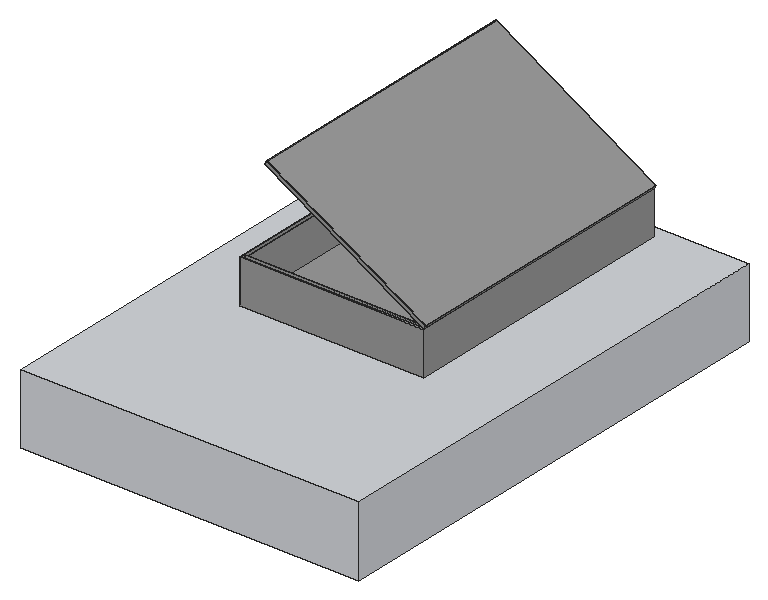
Revit family "Hager-Univers-IP44-D205-H1250-Cl.II-Encl-CH-de", category Equipement électrique, Revit 2020
Family settings
  Hôte = Face
  Configuration du panneau = Deux colonnes, circuits au sein
  Cote de connecteur circulaire = Utiliser le diamètre
  Type d'élément = Tableau de raccordement
  Couper avec des vides une fois chargée = Non
  Partagée = Non
  Point de calcul de pièce = Non
Parameters (values of type "Aufputz IP44 B800 H1250 T205  - FP83QS")
  Width Control [instance] = if([EF000008 - Breite] > Min Width, [EF000008 - Breite], Min Width)  # 800 mm
  Commentaires du type = [HG000003 - Bereich]  # "Univers"
  Thickness Door [instance] = if([EF009171 - Materialstärke Tür/Deckel] > 3 mm, 3 mm, [EF009171 - Materialstärke Tür/Deckel])  # 1 mm
  Seal Frame Offset [instance] = 17 mm  # constant formula
  Plinth Visibility [instance] = [HG000027 - Sockelhöhe] > 0 mm  # no
  Model = ""
  Min Width [instance] = 100 mm  # constant formula
  Min Height [instance] = 100 mm  # constant formula
  Min Depth [instance] = (2 * [EF009170 - Materialstärke Gehäuse]) + 1 mm  # 3 mm
  Internal Frame Depth [instance] = (Door System Depth * 0.5)  # 9 mm
  Height Control [instance] = if([EF000040 - Höhe] > Min Height, [EF000040 - Höhe], Min Height)  # 1250 mm
  HG000027 - Sockelhöhe = 0 mm
  HG000026 - Stehend auf dem Boden = no
  HG000024 - Höhe des unteren Teils = 800 mm
  HG000023 - Gehäuse mit doppeltem Querschnitt = no
  HG000016 - 3D-Türsichtbarkeit [instance] = yes
  HG000015 - Sichtbarkeit der Türöffnung [instance] = no
  HG000014 - Tür rechts [instance] = yes
  HG000013 - Tür links [instance] = not([HG000014 - Tür rechts])  # no
  HG000012 - Türschwenkwinkel [instance] = 30.00°
  HG000010 - Asymmetrische Türen = no
  HG000009 - Doppelflügeligen Tür = no
  HG000006 - Unterputz = no
  HG000004 - Herstellerreferenz = "FP83QS"
  HG000003 - Bereich = "Univers"
  HG000002 - Mit tür = yes
  Frame Offset Bottom [instance] = 10 mm  # constant formula
  Frame Offset [instance] = 15 mm  # constant formula
  EF015940 - Deckel mit Überdruckentlastung = no
  EF011959 - Schutzart (NEMA) = ""
  EF009554 - Anzahl der Öffnungen für Flanschplatten = 6
  Fabricant = "Hager"  # constant formula
  EF009212 - Ausführung Deckel = "EV000116 - geschlossen"
  EF009171 - Materialstärke Tür/Deckel = 1 mm
  EF009170 - Materialstärke Gehäuse = 1 mm
  EF008873 - Nennstrom (In) = 250 A
  EF007800 - Geeignet für Blitzschutz = no
  EF006306 - Mit Schloss = no
  EF006244 - Transparenter Deckel/Tür = no
  EF005474 - Schutzart (IP) = "EV006418 - IP44"
  EF004464 - Art der Tür = "EV002646 - Einzel"
  EF004427 - Anzahl der Module = 288
  EF004293 - Schlagfestigkeit = "EV006815 - IK09"
  EF003532 - Geeignet für Außengebrauch = no
  EF002950 - Breite in Teilungseinheiten = 36
  EF001613 - Funktionserhalt = "EV000494 - ohne"
  EF001596 - Werkstoff des Gehäuses = "EV000179 - Stahl"
  EF001131 - Innentiefe = 143 mm
  EF001088 - Anbaumöglichkeit = yes
  EF000437 - Anzahl der Leitungseinführungen = 6
  EF000339 - Art der Abdeckung = "EV001012 - Deckel"
  EF000266 - Anzahl der Reihen = 8
  EF000218 - Einbautiefe = 0 mm
  EF000118 - Mit Montageplatte = no
  EF000116 - RAL-Nummer = "9010"
  EF000049 - Tiefe = 205 mm
  EF000040 - Höhe = 1250 mm
  EF000008 - Breite = 800 mm
  EF000007 - Farbe = "EV000202 - weiß"
  EF000003 - Montageart = "EV000384 - Aufputz"
  Door System Leaf Tolerance [instance] = 1.5 mm  # constant formula
  Door System Depth [instance] = 18 mm  # constant formula
  Door Height [instance] = Height Control - [HG000027 - Sockelhöhe]  # 1250 mm
  Depth Control [instance] = if([EF000049 - Tiefe] > Min Depth, [EF000049 - Tiefe], Min Depth)  # 205 mm
  Default Elevation = 0 mm
  Connector Offset [instance] = Height Control / 2  # 625 mm
  Bottom Top Plate Trim [instance] = 1.5 mm  # constant formula
  Plinth height Ctrl [instance] = if([HG000027 - Sockelhöhe] > 0 mm, [HG000027 - Sockelhöhe], 12 mm)  # 12 mm
Types (5, lengths in mm): name | Width Control | HG000009 - Doppelflügeligen Tür | HG000004 - Herstellerreferenz | EF009554 - Anzahl der Öffnungen für Flanschplatten | EF004464 - Art der Tür | EF004427 - Anzahl der Module | EF002950 - Breite in Teilungseinheiten | EF000437 - Anzahl der Leitungseinführungen | EF000008 - Breite
  Aufputz IP44 B1050 H1250 T205  - FP84QS | 1050 | yes | "FP84QS" | 8 | "EV003602 - Doppel" | 384 | 48 | 8 | 1050
  Aufputz IP44 B1300 H1250 T205  - FP85QS | 1300 | yes | "FP85QS" | 10 | "EV003602 - Doppel" | 480 | 60 | 10 | 1300
  Aufputz IP44 B300 H1250 T205  - FP81QS | 300 | no | "FP81QS" | 2 | "EV002646 - Einzel" | 96 | 12 | 2 | 300
  Aufputz IP44 B550 H1250 T205  - FP82QS | 550 | no | "FP82QS" | 4 | "EV002646 - Einzel" | 192 | 24 | 4 | 550
  Aufputz IP44 B800 H1250 T205  - FP83QS | 800 | no | "FP83QS" | 6 | "EV002646 - Einzel" | 288 | 36 | 6 | 800
Reference planes
  plane 1 "Center (Front/Back)": y = 0
  plane 2: z = 0
  plane 3 "Center (Left/Right)": x = 0
  plane 4: z = 205
  plane 5: y = 1
  plane 6: y = 625
  plane 7: y = 0
  plane 8: y = 1250
  plane 9: z = 0
  plane 10: x = -385
  plane 11: x = 385
  plane 12: x = 384
  plane 13: x = -384
  plane 14: y = 1249
  plane 15: x = -383
  plane 16: x = -400
  plane 17: x = 383
  plane 18: x = 400
  plane 19: x = 399
  plane 20: x = -399
  plane 21: y = 11
  plane 22: y = 1250
  plane 23: y = 1234
  plane 24: z = 187
  plane 25: z = 1
  plane 26: z = 186
  plane 27: z = 204
Forms (mm)
  Extrusion 1, solid
    sketch origin (0, 0, 0) x (1, 0, 0) y (0, 1, 0)
      loop
        line (-702.964, 1305) -> (-702.964, -811.445) -> (766.763, -811.445) -> (766.763, 1305) -> (-702.964, 1305)
    from 0 to -304.8
  Extrusion 2, solid, material "Hager_Steel_RAL7035_Light_Grey", visible <- "Plinth Visibility", detail levels medium+fine
    sketch origin (0, 0, 0) x (1, 0, 0) y (0, 1, 0)
      loop
        line (-400, 0) -> (400, 0) -> (400, 12) -> (-400, 12) -> (-400, 0)
    from 0 to 187
  Extrusion 3, solid, material "Hager_Steel_RAL7035_Light_Grey", detail levels medium+fine
    sketch origin (0, 0, 0) x (1, 0, 0) y (0, 1, 0)
      loop
        line (-400, 0) -> (400, 0) -> (400, 1250) -> (-400, 1250) -> (-400, 0)
    from 0 to 187
  Extrusion 4, void
    sketch origin (0, 0, 0) x (1, 0, 0) y (0, 1, 0)
      loop
        line (-399, 1) -> (399, 1) -> (399, 1249) -> (-399, 1249) -> (-399, 1)
    from 1 to 186
  Extrusion 5, void
    sketch origin (-381.607, -4572, 187) x (0, -1, 0) y (-1, 0, 0)
      loop
        line (-4583, 2.393) -> (-5806, 2.393) -> (-5806, -765.607) -> (-4583, -765.607) -> (-4583, 2.393)
    from 0 to 1 <- "EF009170 - Materialstärke Gehäuse"
  Extrusion 6, solid, material "Hager_Steel_RAL7035_Light_Grey", detail levels fine
    sketch origin (0, 0, 187) x (1, 0, 0) y (0, 1, 0)
      loop
        line (-384, 1234) -> (-384, 11) -> (384, 11) -> (384, 1234) -> (-384, 1234)
      loop
        line (-385, 10) -> (385, 10) -> (385, 1235) -> (-385, 1235) -> (-385, 10)
    from 0 to 9 <- "Internal Frame Depth"
  Extrusion 7, solid, material "Hager_Steel_RAL7035_Light_Grey", detail levels coarse
    sketch origin (0, 0, 0) x (1, 0, 0) y (0, 1, 0)
      loop
        line (-400, 0) -> (400, 0) -> (400, 1250) -> (-400, 1250) -> (-400, 0)
    from 0 to 205
  Sweep 8, void
    path in 3D
      loop
        line (-400, 12, 0) -> (400, 12, 0) -> (400, 12, 187) -> (-400, 12, 187) -> (-400, 12, 0)
    profile origin (-400, 12, 93.5) x (-1, 0, 0) y (0, -1, 0)
      loop
        line (0, 0) -> (0, 1.5) -> (-1.5, 1.5)
        arc (-1.5, 1.5) -> (-1.061, 0.439) -> (0, 0) r 1.5
Cuts and joins
  Extrusion 4, Extrusion 5 cuts Extrusion 3
  Sweep 8 cuts Extrusion 2
Lines and regions (mm)
  Masking region 1
    outline origin (0, 0, 0) x (1, 0, 0) y (0, 0, 1)
      loop
        line (-400, 205) -> (-400, 0) -> (400, 0) -> (400, 205) -> (-400, 205)
  Masking region 2, detail levels medium+fine
    outline origin (0, 140, 0) x (0, 1, 0) y (0, 0, 1)
      loop
        line (-140, 0) -> (1110, 0) -> (1110, 187) -> (-140, 187) -> (-140, 0)
  Masking region 3, not visible, detail levels medium+fine
    outline origin (0, 297.922, 0) x (0, 1, 0) y (0, 0, 1)
      loop
        line (338.578, 0) -> (378.578, 0) -> (378.578, 194)
        arc (378.578, 194) -> (375.649, 201.071) -> (368.578, 204) r 10
        line (368.578, 204) -> (338.578, 204) -> (338.578, 0)
  Masking region 4, detail levels coarse
    outline origin (0, 0, 180) x (0, 1, 0) y (0, 0, 1)
      loop
        line (0, -180) -> (1250, -180) -> (1250, 25) -> (0, 25) -> (0, -180)
  Masking region 5, visible <- "Plinth Visibility", detail levels medium+fine
    outline origin (0, 52.24, 12.345) x (0, 0, -1) y (0, 1, 0)
      loop
        line (10.845, -40.24) -> (-173.155, -40.24)
        arc (-173.155, -40.24) -> (-173.594, -41.301) -> (-174.655, -41.74) r 1.5
        line (-174.655, -41.74) -> (-174.655, -52.24) -> (12.345, -52.24) -> (12.345, -41.74)
        arc (12.345, -41.74) -> (11.285, -41.301) -> (10.845, -40.24) r 1.5
  Masking region 6, detail levels medium+fine
    outline origin (-381.607, -4572, 187) x (-1, 0, 0) y (0, -1, 0)
      loop
        line (18.393, -5822) -> (18.393, -4572) -> (-781.607, -4572) -> (-781.607, -5822) -> (18.393, -5822)
  Masking region 7, visible <- "Plinth Visibility", detail levels medium+fine
    outline origin (-381.607, -4727, 187) x (-1, 0, 0) y (0, -1, 0)
      loop
        arc (16.893, -4739) -> (17.332, -4737.939) -> (18.393, -4737.5) r 1.5
        line (18.393, -4737.5) -> (18.393, -4727) -> (-781.607, -4727) -> (-781.607, -4737.5)
        arc (-781.607, -4737.5) -> (-780.546, -4737.939) -> (-780.107, -4739) r 1.5
        line (-780.107, -4739) -> (16.893, -4739)
  Masking region 8, detail levels coarse
    outline origin (-442.548, -4669.526, 187) x (-1, 0, 0) y (0, -1, 0)
      loop
        line (-42.548, -5919.526) -> (-42.548, -4669.526) -> (-842.548, -4669.526) -> (-842.548, -5919.526) -> (-42.548, -5919.526)
  sketch lines
    curve 1: line (-400, 12, 187) -> (-400, 12, 0)
    curve 2: line (400, 12, 187) -> (-400, 12, 187)
    curve 3: line (400, 12, 187) -> (400, 12, 0)
    curve 4: line (-400, 12, 0) -> (400, 12, 0)
Dimensions and locks
  "Depth Control": plane 4 to Extrusion 1
  "HG000027 - Sockelhöhe": plane 1 "Center (Front/Back)" to plane 7
  "EF009170 - Materialstärke Gehäuse": plane 5 to plane 7
  locked: connector elem to plane 3 "Center (Left/Right)"
  equal spacing: plane 8, plane 6, plane 7
  locked: connector elem to plane 6
  "EF009170 - Materialstärke Gehäuse": plane 8 to plane 14
  "EF009170 - Materialstärke Gehäuse": plane 10 to plane 13
  "EF009170 - Materialstärke Gehäuse": plane 12 to plane 11
  "Frame Offset": plane 20 to plane 13
  "Frame Offset": plane 12 to plane 19
  "EF009170 - Materialstärke Gehäuse": plane 16 to plane 20
  "EF009170 - Materialstärke Gehäuse": plane 19 to plane 18
  "Seal Frame Offset": plane 16 to plane 15
  "Seal Frame Offset": plane 17 to plane 18
  "Frame Offset Bottom": plane 21 to plane 5
  "Frame Offset": plane 14 to plane 23
  equal spacing: plane 16, plane 3 "Center (Left/Right)", plane 18
  "Width Control": plane 16 to plane 18
  "EF009170 - Materialstärke Gehäuse": plane 4 to plane 27
  "EF009170 - Materialstärke Gehäuse": plane 24 to plane 26
  "EF009170 - Materialstärke Gehäuse": plane 25 to level
  "Door System Depth": plane 4 to plane 24
  "Height Control": plane 1 "Center (Front/Back)" to Extrusion 7 sketch curve
  "Height Control": Masking region 4 sketch curve to plane 1 "Center (Front/Back)"
  "Height Control": plane 1 "Center (Front/Back)" to plane 22
  "Bottom Top Plate Trim": profile plane to Sweep 8 sketch curve
  "Bottom Top Plate Trim": Sweep 8 sketch curve to profile plane
  "Plinth height Ctrl": plane 1 "Center (Front/Back)" to Extrusion 2 sketch curve
  "Plinth height Ctrl": Masking region 5 sketch curve to plane 1 "Center (Front/Back)"
  "Plinth height Ctrl": plane 1 "Center (Front/Back)" to Masking region 7 sketch curve
  "Thickness Door": Extrusion 6 sketch curve to Extrusion 6 sketch curve  (x3)
  "Thickness Door": cut or joined group of Extrusion 3, Extrusion 4, Extrusion 5 to Extrusion 6 sketch curve
  radius of Masking region 3 sketch curve = 10 mm
  "Bottom Top Plate Trim": radius of Masking region 5 sketch curve  (x2)
  "Bottom Top Plate Trim": radius of Sweep 8 sketch curve
  "Bottom Top Plate Trim": radius of Masking region 7 sketch curve  (x2)
  aligned and locked: plane 2 to Extrusion 1
  aligned and locked: level to Extrusion 1
  aligned and locked: level to Masking region 1 sketch curve
  aligned and locked: Masking region 1 sketch curve to plane 18
  aligned and locked: Masking region 1 sketch curve to plane 16
  aligned and locked: plane 7 to Masking region 2 sketch curve
  aligned and locked: level to Masking region 3 sketch curve
  aligned and locked: Masking region 3 sketch curve to plane 27
  aligned and locked: level to Masking region 2 sketch curve
  aligned and locked: plane 1 "Center (Front/Back)" to Extrusion 2 sketch curve
  aligned and locked: Extrusion 3 sketch curve to plane 7
  aligned and locked: plane 16 to Extrusion 3 sketch curve
  aligned and locked: plane 18 to Extrusion 3 sketch curve
  aligned and locked: plane 20 to Extrusion 4 sketch curve
  aligned and locked: plane 19 to Extrusion 4 sketch curve
  aligned and locked: Extrusion 4 sketch curve to plane 5
  aligned and locked: Extrusion 4 to plane 25
  aligned and locked: plane 26 to Extrusion 4
  aligned and locked: plane 24 to Extrusion 3
  aligned and locked: Extrusion 5 sketch curve to plane 21
  aligned and locked: Extrusion 5 sketch curve to plane 13
  aligned and locked: Extrusion 5 sketch curve to plane 12
  aligned and locked: plane 18 to Extrusion 7 sketch curve
  aligned and locked: plane 1 "Center (Front/Back)" to Extrusion 7 sketch curve
  aligned and locked: plane 16 to Extrusion 7 sketch curve
  aligned and locked: plane 4 to Extrusion 7
  aligned and locked: Extrusion 7 to level
  aligned and locked: level to Masking region 4 sketch curve
  aligned and locked: Masking region 4 sketch curve to plane 1 "Center (Front/Back)"
  aligned and locked: Masking region 4 sketch curve to plane 4
  aligned and locked: nested 1 to level
  aligned and locked: nested 1 to plane 16
  aligned and locked: plane 8 to Extrusion 3 sketch curve
  aligned and locked: plane 23 to Extrusion 5 sketch curve
  aligned and locked: plane 14 to Extrusion 4 sketch curve
  aligned and locked: Masking region 2 sketch curve to plane 8
  aligned and locked: level to Masking region 5 sketch curve
  aligned and locked: plane 16 to Extrusion 2 sketch curve
  aligned and locked: plane 18 to Extrusion 2 sketch curve
  aligned and locked: Masking region 5 sketch curve to plane 24
  aligned and locked: Masking region 2 sketch curve to plane 24
  aligned and locked: plane 24 to Extrusion 2
  aligned and locked: profile plane to Sweep 8 sketch curve  (x2)
  aligned and locked: Masking region 6 sketch curve to plane 18
  aligned and locked: Masking region 6 sketch curve to plane 22
  aligned and locked: Masking region 6 sketch curve to plane 16
  aligned and locked: plane 8 to plane 22
  aligned and locked: Masking region 6 sketch curve to plane 7
  aligned and locked: Masking region 7 sketch curve to plane 16
  aligned and locked: Masking region 7 sketch curve to plane 1 "Center (Front/Back)"
  aligned and locked: Masking region 7 sketch curve to plane 18
  aligned and locked: Masking region 8 sketch curve to plane 1 "Center (Front/Back)"
  aligned and locked: Masking region 8 sketch curve to plane 18
  aligned and locked: Masking region 8 sketch curve to plane 22
  aligned and locked: Masking region 8 sketch curve to plane 16
  aligned and locked: nested 2 to plane 7
  aligned and locked: plane 3 "Center (Left/Right)" to nested 2
  aligned and locked: nested 2 to plane 24
  aligned and locked: Extrusion 6 sketch curve to cut or joined group of Extrusion 3, Extrusion 4, Extrusion 5  (x4)
Automatic sketch dimensions
  Extrusion 1 sketch curve to Extrusion 1 sketch curve = 1469.727 mm
  Extrusion 1 sketch curve to Extrusion 1 sketch curve = 2116.445 mm
  Masking region 1 sketch curve to plane 4 = 0 mm
  plane 6 to Masking region 3 sketch curve = 11.5 mm
  Masking region 3 sketch curve to Masking region 3 sketch curve = 30 mm
  Masking region 5 sketch curve to plane 1 "Center (Front/Back)" = 0 mm
Nested families
  nested 1: "Hager_Enclosure_Symbol" at (-400, 0, 0) x (1, 0, 0) z (0, -1, 0), Height <- "Depth Control", Width <- "Width Control", type "Hager_Enclosure_Symbol"
    with Width_Ctrl 800 mm, Width 800 mm, Height_Ctrl 205 mm, Height 205 mm, A_Width_Int 13.453 mm, A_Width 161.438 mm, A_Height_Ctrl 179.375 mm, A_Height 179.375 mm
  nested 2: "EC000058_Univers_Door" at (0, 0, 187) x (1, 0, 0) z (0, 1, 0), Leaf_Tolerance <- "Door System Leaf Tolerance", Angle <- "HG000012 - Türschwenkwinkel", Door_Depth <- "Door System Depth", Door_Left <- "HG000013 - Tür links", Transparent <- "EF006244 - Transparenter Deckel/Tür", Assymetrical <- "HG000010 - Asymmetrische Türen", Width <- "Width Control", Clearance <- "HG000015 - Sichtbarkeit der Türöffnung", Double <- "HG000009 - Doppelflügeligen Tür", 3d_Door <- "HG000016 - 3D-Türsichtbarkeit", Lock_Visibility <- "EF006306 - Mit Schloss", Width_Ctrl <- "Width Control", Door_Right <- "HG000014 - Tür rechts", Door <- "HG000002 - Mit tür", Height <- "Door Height", Thickness <- "Thickness Door", type "EC000058_Univers_Door", detail levels medium+fine
    with min_wh 3 mm, Width_Ctrl 800 mm, Width 800 mm, Transparent no, Thickness 1 mm, Seal_Material Hager_Rubber, Lock_Visibility no, Lock_Material Hager_Plastic_RAL9005_Jet_Black, Leaf_Width 800 mm, Leaf_Tolerance_External_Sides 0 mm, Leaf_Tolerance 1.5 mm, Leaf_Offset 0 mm, Leaf_Height 1247 mm, Leaf_2_Width 800 mm, Leaf_2_Offset 400 mm, Leaf_1_Width 800 mm, Leaf_1_Offset 400 mm, Height_Ctrl 1250 mm, Height 1250 mm, Glass_Material Hager_Glass, Double_Clearance_Ctrl no, Double no, Door_Right_Ctrl yes, Door_Right yes, Door_Material Hager_Steel_RAL7035_Light_Grey, Door_Left_Ctrl no, Door_Left no, Door_Depth 18 mm, Door yes, Clearance_Material Hager_Clearance, Clearance_Depth 800 mm, Clearance_Ctrl no, Clearance no, Assymetrical no, Angle 30.00°, 3d_Door yes
Connectors
  electrical at (0, 625, 0)
    settings: on plane 9, index 1, voltage 0 V, apparent load 0 VA, apparent load phase1 0 VA, apparent load phase2 0 VA, apparent load phase3 0 VA, power factor 1, load classification "Other", number of poles 1, system type 30, power factor state 1, is connector primary yes, connector utility no, sub classification motor no, connector description ""
Definition of nested family "EC000058_Univers_Door"
  Parameters (values of type "EC000058_Univers_Door")
    min_wh [instance] = (2 * Thickness) + 1 mm  # 11 mm
    Width_Ctrl [instance] = 400 mm
    Width [instance] = 500 mm
    Transparent [instance] = yes
    Thickness [instance] = 5 mm
    Seal_Material [instance] = none
    Lock_Visibility [instance] = yes
    Lock_Material [instance] = none
    Leaf_Width [instance] = if((Width_Ctrl - 2 * Leaf_Tolerance_External_Sides) > 0 mm, (Width_Ctrl - 2 * Leaf_Tolerance_External_Sides), min_wh)  # 400 mm
    Leaf_Tolerance_External_Sides [instance] = 0 mm  # constant formula
    Leaf_Tolerance [instance] = 1.5 mm
    Leaf_Offset [instance] = 0 mm  # constant formula
    Leaf_Height [instance] = if((Height_Ctrl - 2 * Leaf_Tolerance) > 0 mm, (Height_Ctrl - 2 * Leaf_Tolerance), min_wh)  # 497 mm
    Leaf_2_Width [instance] = if(and(and(Double, Assymetrical), Door_Left), (Leaf_Width / 3) - (Leaf_Tolerance / 2), if(and(and(Double, Assymetrical), Door_Right), (Leaf_Width / 3) * 2 - (Leaf_Tolerance / 2), if(and(Double, not(Assymetrical)), (Leaf_Width / 2) - Leaf_Tolerance, Leaf_Width)))  # 400 mm
    Leaf_2_Offset [instance] = if(and(Double, Assymetrical), Leaf_2_Width / 2, if(and(Double, not(Assymetrical)), Leaf_Width / 4, Leaf_Width / 2))  # 200 mm
    Leaf_1_Width [instance] = if(and(and(Double, Assymetrical), Door_Right), (Leaf_Width / 3) - (Leaf_Tolerance / 2), if(and(and(Double, Assymetrical), Door_Left), (Width / 3) * 2 - (Leaf_Tolerance / 2), if(and(Double, not(Assymetrical)), (Leaf_Width / 2) - Leaf_Tolerance, Leaf_Width)))  # 400 mm
    Leaf_1_Offset [instance] = if(and(Double, Assymetrical), Leaf_1_Width / 2, if(and(Double, not(Assymetrical)), Leaf_Width / 4, Leaf_Width / 2))  # 200 mm
    Height_Ctrl [instance] = if(Height > min_wh, Height, min_wh)  # 500 mm
    Height [instance] = 500 mm
    Glass_Material [instance] = none
    Double_Clearance_Ctrl [instance] = and(Double, Clearance)  # no
    Double [instance] = no
    Door_Right_Ctrl [instance] = and(or(Door_Right, Double), Door)  # yes
    Door_Right [instance] = yes
    Door_Material [instance] = none
    Door_Left_Ctrl [instance] = and(or(Door_Left, Double), Door)  # no
    Door_Left [instance] = no
    Door_Depth [instance] = 30 mm
    Door [instance] = yes
    Default Elevation = 1219.2 mm
    Clearance_Material [instance] = none
    Clearance_Depth [instance] = if(Leaf_1_Width > Leaf_2_Width, Leaf_1_Width, Leaf_2_Width)  # 400 mm
    Clearance_Ctrl [instance] = and(not(Double), Clearance)  # yes
    Clearance [instance] = yes
    Assymetrical [instance] = yes
    Angle [instance] = 30.00°
    3d_Door [instance] = yes
  Reference planes
    plane 1 "Center (Front/Back)": y = 0
    plane 2 "Bottom": z = 0
    plane 3 "Center (Left/Right)": x = 0
    plane 4: z = 500
    plane 5: x = -200
    plane 6: x = 200
    plane 7: z = 500
    plane 8: x = -200
    plane 9: z = 0
    plane 10: x = 200
    plane 11: y = 0
    plane 12: z = 1.5
    plane 13: x = -600
    plane 14: y = -400
    plane 15: x = 600
    plane 16: x = 0
    plane 17: x = 0
    plane 18: x = -200
    plane 19: x = 200
    plane 20: z = 498.5
  Forms (mm)
    Extrusion 1, solid, material <- "Clearance_Material", visible <- "Double_Clearance_Ctrl"
      sketch origin (1200, 0, 0) x (1, 0, 0) y (0, 0, -1)
        loop
          line (-1800, -498.5) -> (-600, -498.5) -> (-600, 0) -> (-1800, 0) -> (-1800, -498.5)
      from 0 to -400
  Dimensions and locks
    equal spacing: plane 5, plane 3 "Center (Left/Right)", plane 6
    "Width_Ctrl": plane 5 to plane 6
    "Leaf_Offset": plane 5 to plane 8
    "Leaf_Offset": plane 6 to plane 10
    "Leaf_Offset": plane 9 to level
    "Leaf_Offset": plane 4 to plane 7
    "Height_Ctrl": plane 4 to level
    "Leaf_Tolerance": plane 12 to plane 9
    locked: plane 11 to plane 1 "Center (Front/Back)"
    "Leaf_1_Offset": plane 18 to plane 16
    "Leaf_2_Offset": plane 17 to plane 19
    "Leaf_1_Width": plane 13 to plane 8
    "Leaf_2_Width": plane 10 to plane 15
    "Clearance_Depth": plane 14 to plane 1 "Center (Front/Back)"
    "Leaf_Tolerance_External_Sides": plane 8 to plane 18
    "Leaf_Tolerance_External_Sides": plane 19 to plane 10
    "Leaf_Tolerance": plane 7 to plane 20
    aligned and locked: level to plane 2 "Bottom"
    aligned and locked: nested 1 to plane 16
    aligned and locked: nested 2 to plane 17
    aligned and locked: Extrusion 1 to plane 13
    aligned and locked: plane 15 to Extrusion 1
    aligned and locked: Extrusion 1 to plane 14
    aligned and locked: plane 12 to nested 1
    aligned and locked: nested 2 to plane 12
    aligned and locked: Extrusion 1 to plane 11
    aligned and locked: plane 20 to Extrusion 1
    aligned and locked: nested 2 to plane 11
    aligned and locked: nested 1 to plane 11
  Automatic sketch dimensions
    Extrusion 1 sketch curve to level = 0 mm
    plane 5 to Extrusion 1 sketch curve = 400 mm
    plane 6 to Extrusion 1 sketch curve = 400 mm
    Extrusion 1 sketch curve to plane 4 = 1.5 mm
  Nested families
    nested 1: "EC000058_Univers_Door_Leaf" at (0, 0, 1.5), Width <- "Leaf_1_Width", visible <- "Door_Left_Ctrl", Leaf_Height <- "Leaf_Height", Angle <- "Angle", 3d_Door <- "3d_Door", Transparent <- "Transparent", Clearance Material <- "Clearance_Material", Clearance <- "Clearance_Ctrl", Door_Material <- "Door_Material", Glass_Material <- "Glass_Material", Door_Depth <- "Door_Depth", Lock_Material <- "Lock_Material", Seal_Material <- "Seal_Material", Lock_Visibility <- "Lock_Visibility", Thickness <- "Thickness", type "EC000058_Univers_Door_Leaf"
      with Width 400 mm, Transparent_Glass_Offset 30 mm, Transparent_Ctrl yes, Transparent yes, Thickness 5 mm, Standard no, Seal_Material none, Seal_D2 8 mm, Seal_D1 1 mm, Offset_Internal_Frame 10 mm, Lock_Width 20 mm, Lock_Visibility_3d yes, Lock_Visibility yes, Lock_Thickness_3 3 mm, Lock_Thickness_2 1 mm, Lock_Thickness_1 3 mm, Lock_Radius_Offset_2 16 mm, Lock_Radius_Offset_1 15 mm, Lock_Radius_2 5 mm, Lock_Radius 6 mm, Lock_Offset 5 mm, Lock_Material none, Lock_Height 80 mm, Lock_Cover_Top_Offset_2d 17 mm, Lock_Cover_Height -65 mm, Leaf_Height 497 mm, Internal_Seal_Thickness 8 mm, Internal_Seal_Depth_2 4.5 mm, Internal_Frame_Depth 25 mm, Glass_Thickness -1 mm, Glass_Offset -2 mm, Glass_Material none, Door_Material none, Door_Depth 30 mm, Clearance Material none, Clearance yes, Angle_Ctrl 30.00°, Angle 30.00°, 3d_Door yes
    nested 2: "EC000058_Univers_Door_Leaf" at (0, 0, 1.5) x (-1, 0, 0) z (0, 0, 1), Width <- "Leaf_2_Width", visible <- "Door_Right_Ctrl", Leaf_Height <- "Leaf_Height", Angle <- "Angle", 3d_Door <- "3d_Door", Transparent <- "Transparent", Clearance Material <- "Clearance_Material", Clearance <- "Clearance_Ctrl", Door_Material <- "Door_Material", Glass_Material <- "Glass_Material", Door_Depth <- "Door_Depth", Lock_Material <- "Lock_Material", Seal_Material <- "Seal_Material", Lock_Visibility <- "Lock_Visibility", Thickness <- "Thickness", type "EC000058_Univers_Door_Leaf"
      with Width 400 mm, Transparent_Glass_Offset 30 mm, Transparent_Ctrl yes, Transparent yes, Thickness 5 mm, Standard no, Seal_Material none, Seal_D2 8 mm, Seal_D1 1 mm, Offset_Internal_Frame 10 mm, Lock_Width 20 mm, Lock_Visibility_3d yes, Lock_Visibility yes, Lock_Thickness_3 3 mm, Lock_Thickness_2 1 mm, Lock_Thickness_1 3 mm, Lock_Radius_Offset_2 16 mm, Lock_Radius_Offset_1 15 mm, Lock_Radius_2 5 mm, Lock_Radius 6 mm, Lock_Offset 5 mm, Lock_Material none, Lock_Height 80 mm, Lock_Cover_Top_Offset_2d 17 mm, Lock_Cover_Height -65 mm, Leaf_Height 497 mm, Internal_Seal_Thickness 8 mm, Internal_Seal_Depth_2 4.5 mm, Internal_Frame_Depth 25 mm, Glass_Thickness -1 mm, Glass_Offset -2 mm, Glass_Material none, Door_Material none, Door_Depth 30 mm, Clearance Material none, Clearance yes, Angle_Ctrl 30.00°, Angle 30.00°, 3d_Door yes
  Definition of nested family "EC000058_Univers_Door_Leaf"
    Parameters (values of type "EC000058_Univers_Door_Leaf")
      Width [instance] = 2000 mm
      Transparent_Glass_Offset [instance] = 30 mm
      Transparent_Ctrl [instance] = and(Transparent, [3d_Door])  # yes
      Transparent [instance] = yes
      Thickness [instance] = 5 mm
      Standard [instance] = and(not(Transparent), [3d_Door])  # no
      Seal_Material [instance] = none
      Seal_D2 [instance] = 8 mm  # constant formula
      Seal_D1 [instance] = 1 mm  # constant formula
      Offset_Internal_Frame [instance] = 10 mm  # constant formula
      Lock_Width [instance] = 20 mm  # constant formula
      Lock_Visibility_3d [instance] = and(Lock_Visibility, [3d_Door])  # yes
      Lock_Visibility [instance] = yes
      Lock_Thickness_3 [instance] = 3 mm  # constant formula
      Lock_Thickness_2 [instance] = 1 mm  # constant formula
      Lock_Thickness_1 [instance] = 3 mm  # constant formula
      Lock_Radius_Offset_2 [instance] = Lock_Radius_Offset_1 + 1 mm  # 16 mm
      Lock_Radius_Offset_1 [instance] = 15 mm  # constant formula
      Lock_Radius_2 [instance] = Lock_Radius - 1 mm  # 5 mm
      Lock_Radius [instance] = 6 mm  # constant formula
      Lock_Offset [instance] = 5 mm  # constant formula
      Lock_Material [instance] = none
      Lock_Height [instance] = 80 mm  # constant formula
      Lock_Cover_Top_Offset_2d [instance] = Lock_Radius_Offset_2 + 1 mm  # 17 mm
      Lock_Cover_Height [instance] = -(Lock_Height - Lock_Radius_Offset_1)  # -65 mm
      Leaf_Height [instance] = 2720.336 mm
      Internal_Seal_Thickness [instance] = 8 mm  # constant formula
      Internal_Seal_Depth_2 [instance] = 4.5 mm  # constant formula
      Internal_Frame_Depth [instance] = if(Door_Depth - Thickness > 5 mm, Door_Depth - Thickness, 5 mm)  # 25 mm
      Glass_Thickness [instance] = if(Thickness > 15 mm, Glass_Offset + 10 mm, -1 mm)  # -1 mm
      Glass_Offset [instance] = if(Thickness > 15 mm, -(Thickness + 10 mm) / 2, -2 mm)  # -2 mm
      Glass_Material [instance] = none
      Door_Material [instance] = none
      Door_Depth [instance] = 30 mm
      Default Elevation = 0 mm
      Clearance Material [instance] = none
      Clearance [instance] = yes
      Angle_Ctrl [instance] = if(Angle > 180.00°, 180.00°, Angle)  # 90.00°
      Angle [instance] = 90.00°
      3d_Door [instance] = yes
    Reference planes
      plane 1 "Center (Front/Back)": y = 0
      plane 2: z = 0
      plane 3 "Center (Left/Right)": x = 0
      plane 4: y = 2000
      plane 5: x = -1000
      plane 6: x = 1000
      plane 7: x = -3000
      plane 8: z = 2720.336
      plane 9: z = 30
      plane 10: z = 2690.336
      plane 11: x = 970
      plane 12: x = -970
      plane 13: y = -3
      plane 14: z = 107.833
      plane 15: y = -5
      plane 16: y = -223.314
      plane 17: x = -1000
      plane 18: z = 1360.168
      plane 19: y = 30
    Forms (mm)
      Extrusion 1, solid, material <- "Clearance Material", visible <- "Clearance"
        sketch origin (0, 0, 0) x (1, 0, 0) y (0, 0, 1)
          loop
            line (-3000, 2720.336) -> (-3000, 0) -> (1000, 0) -> (1000, 2720.336) -> (-3000, 2720.336)
        from 0 to -2000
      Extrusion 2, solid, material <- "Door_Material", visible <- "Standard", detail levels medium+fine
        sketch origin (-1000, 0, 0) x (0, 1, 0) y (-1, 0, 0)
          loop
            line (0, 30) -> (0, 25) -> (2000, 25) -> (2000, 30) -> (0, 30)
        from 0 to 2720.336 <- "Leaf_Height"
      Extrusion 3, solid, material <- "Door_Material", visible <- "Transparent_Ctrl", detail levels medium+fine
        sketch origin (-1000, 0, 0) x (0, 1, 0) y (-1, 0, 0)
          loop
            line (0, 25) -> (2000, 25) -> (2000, 30) -> (0, 30) -> (0, 25)
        from 0 to 2720.336 <- "Leaf_Height"
      Extrusion 4, void
        sketch origin (-1025, 2000, 0) x (0, 1, 0) y (0, 0, -1)
          loop
            line (-30, -2690.336) -> (-30, -30) -> (-1970, -30) -> (-1970, -2690.336) -> (-30, -2690.336)
        from 0 to 5 <- "Thickness"
      Sweep 5, solid, material <- "Seal_Material", visible <- "Transparent_Ctrl", detail levels fine
        path in 3D
          loop
            line (-1025, 30, 30) -> (-1025, 30, 2690.336) -> (-1025, 1970, 2690.336) -> (-1025, 1970, 30) -> (-1025, 30, 30)
        profile origin (-1025, 1000, 30) x (1, 0, 0) y (0, 0, 1)
          loop
            line (0, 0) -> (0, -8) -> (1, -8) -> (1, 0) -> (0, 0)
      Extrusion 6, solid, material <- "Glass_Material", visible <- "Transparent_Ctrl", detail levels medium+fine
        sketch origin (-1030, 0, 0) x (0, 1, 0) y (0, 0, -1)
          loop
            line (1970, -2690.336) -> (1970, -30) -> (30, -30) -> (30, -2690.336) -> (1970, -2690.336)
        from -2 <- "Glass_Offset" to -1 <- "Glass_Thickness"
      Extrusion 7, solid, material <- "Door_Material", visible <- "3d_Door", detail levels medium+fine
        sketch origin (-1025, 2000, 0) x (0, -1, 0) y (0, 0, -1)
          loop
            line (0, -2720.336) -> (2000, -2720.336) -> (2000, 0) -> (0, 0) -> (0, -2720.336)
          loop
            line (1995, -5) -> (5, -5) -> (5, -2715.336) -> (1995, -2715.336) -> (1995, -5)
        from 0 to 25 <- "Internal_Frame_Depth"
      Sweep 8, solid, material <- "Seal_Material", visible <- "Transparent_Ctrl", detail levels fine
        path in 3D
          loop
            line (-1025, 0, 0) -> (-1025, 2000, 0) -> (-1025, 2000, 2720.336) -> (-1025, 0, 2720.336) -> (-1025, 0, 0)
        profile origin (-1025, 0, 1360.168) x (1, 0, 0) y (0, 1, 0)
          loop
            line (0, 10) -> (2.975, 10)
            arc (2.975, 10) -> (4.053, 10.447) -> (4.5, 11.525) r 1.525
            line (4.5, 11.525) -> (4.5, 16.527)
            arc (4.5, 16.527) -> (4.069, 17.569) -> (3.027, 18) r 1.473
            line (3.027, 18) -> (0, 18) -> (0, 10)
      Extrusion 9, solid, material <- "Lock_Material", visible <- "Lock_Visibility_3d", detail levels fine
        sketch origin (-1030, 0, 0) x (0, 1, 0) y (0, 0, -1)
          loop
            arc (1993.5, -1400.168) -> (1994.561, -1399.729) -> (1995, -1398.668) r 1.5
            line (1995, -1398.668) -> (1995, -1320.168) -> (1975, -1320.168) -> (1975, -1398.668)
            arc (1975, -1398.668) -> (1975.439, -1399.729) -> (1976.5, -1400.168) r 1.5
            line (1976.5, -1400.168) -> (1993.5, -1400.168)
        from 3 <- "Lock_Thickness_1" to 0
      Blend 10, solid, material <- "Lock_Material", visible <- "Lock_Visibility_3d", detail levels fine
        base sketch origin (-1033, 0, 0) x (0, 1, 0) y (0, 0, -1)
          loop
            line (1975, -1320.168) -> (1975, -1398.668)
            arc (1975, -1398.668) -> (1975.439, -1399.729) -> (1976.5, -1400.168) r 1.5
            line (1976.5, -1400.168) -> (1993.5, -1400.168)
            arc (1993.5, -1400.168) -> (1994.561, -1399.729) -> (1995, -1398.668) r 1.5
            line (1995, -1398.668) -> (1995, -1320.168) -> (1975, -1320.168)
        top sketch origin (-1033, 0, 0) x (0, 1, 0) y (0, 0, -1)
          loop
            line (1976, -1320.168) -> (1976, -1398.668)
            arc (1976, -1398.668) -> (1976.146, -1399.022) -> (1976.5, -1399.168) r 0.5
            line (1976.5, -1399.168) -> (1993.5, -1399.168)
            arc (1993.5, -1399.168) -> (1993.854, -1399.022) -> (1994, -1398.668) r 0.5
            line (1994, -1398.668) -> (1994, -1320.168) -> (1976, -1320.168)
        from 0 to 1 <- "Lock_Thickness_2"
      Blend 11, solid, material <- "Lock_Material", visible <- "Lock_Visibility_3d", detail levels fine
        base sketch origin (-1034, 0, 0) x (0, 1, 0) y (0, 0, -1)
          loop
            line (1978, -1320.168) -> (1978, -1384.168)
            arc (1978, -1384.168) -> (1985, -1391.168) -> (1992, -1384.168) r 7
            line (1992, -1384.168) -> (1992, -1320.168) -> (1978, -1320.168)
        top sketch origin (-1034, 0, 0) x (0, 1, 0) y (0, 0, -1)
          loop
            line (1991, -1320.168) -> (1979, -1320.168) -> (1979, -1383.168)
            arc (1979, -1383.168) -> (1985, -1389.168) -> (1991, -1383.168) r 6
            line (1991, -1383.168) -> (1991, -1320.168)
        from 0 to 3 <- "Lock_Thickness_3"
      Extrusion 12, solid, material <- "Lock_Material", visible <- "Lock_Visibility_3d", detail levels fine
        sketch origin (-1030, 1975, 1320.168) x (1, 0, 0) y (0, -1, 0)
          loop
            line (-7, -19) -> (-7, -1) -> (0, -1) -> (0, 0) -> (-8, 0) -> (-8, -20) -> (0, -20) -> (0, -19) -> (-7, -19)
        from 0 to -65 <- "Lock_Cover_Height"
      Extrusion 13, void
        sketch origin (-1038, 1995, 1320.168) x (-1, 0, 0) y (0, 0, -1)
          loop
            line (-5, -65) -> (0, -65) -> (-5, -60) -> (-5, -65)
        from 0 to 20 <- "Lock_Width"
      Extrusion 14, void
        sketch origin (-1038, 1975, 1320.168) x (0, -1, 0) y (0, 0, -1)
          loop
            circle (-10, -15.995) r 6
          loop
            circle (-10, -15.995) r 5
        from 0 to 2
      Extrusion 15, solid, material <- "Lock_Material", visible <- "Lock_Visibility_3d", detail levels medium
        sketch origin (-1030, 0, 0) x (0, 1, 0) y (0, 0, -1)
          loop
            arc (1993.5, -1400.168) -> (1994.561, -1399.729) -> (1995, -1398.668) r 1.5
            line (1995, -1398.668) -> (1995, -1320.168) -> (1975, -1320.168) -> (1975, -1398.668)
            arc (1975, -1398.668) -> (1975.439, -1399.729) -> (1976.5, -1400.168) r 1.5
            line (1976.5, -1400.168) -> (1993.5, -1400.168)
        from 8 to 0
    Cuts and joins
      Extrusion 4 cuts Extrusion 3
      Extrusion 13, Extrusion 14 cuts Extrusion 9
      Extrusion 14 cuts Blend 11
      Extrusion 13, Extrusion 14 cuts Extrusion 12
      joined: Extrusion 9, Blend 10, Blend 11, Extrusion 12
      Extrusion 14 cuts Extrusion 15
    Lines and regions (mm)
      Masking region 1, visible <- "Lock_Visibility", detail levels fine
        outline origin (0, 0, 0) x (0, 1, 0) y (0, 0, 1)
          loop
            line (30, 1320.168) -> (33, 1320.168) -> (33, 1400.168) -> (30, 1400.168) -> (30, 1320.168)
      Masking region 2, visible <- "Lock_Visibility", detail levels fine
        outline origin (0, 3.143, 0) x (0, 1, 0) y (0, 0, 1)
          loop
            line (29.857, 1354.168) -> (30.857, 1354.168) -> (30.857, 1366.168) -> (29.857, 1366.168) -> (29.857, 1354.168)
      Masking region 3, detail levels medium+fine
        outline origin (0, 0, 0) x (0, 1, 0) y (0, 0, 1)
          loop
            line (0, 0) -> (30, 0) -> (30, 2720.336) -> (0, 2720.336) -> (0, 0)
      Masking region 4, detail levels medium+fine
        outline origin (0, 0, 0) x (1, 0, 0) y (0, 0, 1)
          loop
            line (-1000, 2720.336) -> (-1000, 0) -> (1000, 0) -> (1000, 2720.336) -> (-1000, 2720.336)
      Masking region 5, visible <- "Lock_Visibility", detail levels fine
        outline origin (-47.116, 0, 0) x (1, 0, 0) y (0, 0, 1)
          loop
            arc (1024.616, 1399.168) -> (1023.556, 1398.729) -> (1023.116, 1397.668) r 1.5
            line (1023.116, 1397.668) -> (1023.116, 1320.168) -> (1041.116, 1320.168) -> (1041.116, 1397.668)
            arc (1041.116, 1397.668) -> (1040.677, 1398.729) -> (1039.616, 1399.168) r 1.5
            line (1039.616, 1399.168) -> (1024.616, 1399.168)
      Masking region 6, visible <- "Lock_Visibility", detail levels medium+fine
        outline origin (-25, 0, 0) x (1, 0, 0) y (0, 0, 1)
          loop
            arc (1001.5, 1400.168) -> (1000.439, 1399.729) -> (1000, 1398.668) r 1.5
            line (1000, 1398.668) -> (1000, 1320.168) -> (1020, 1320.168) -> (1020, 1398.668)
            arc (1020, 1398.668) -> (1019.561, 1399.729) -> (1018.5, 1400.168) r 1.5
            line (1018.5, 1400.168) -> (1001.5, 1400.168)
      Masking region 7, visible <- "Lock_Visibility", detail levels fine
        outline origin (-73.735, 0, 0) x (1, 0, 0) y (0, 0, 1)
          loop
            line (1051.735, 1382.168) -> (1065.735, 1382.168) -> (1065.735, 1384.168)
            arc (1065.735, 1384.168) -> (1058.735, 1391.168) -> (1051.735, 1384.168) r 7
            line (1051.735, 1384.168) -> (1051.735, 1382.168)
      Masking region 8, visible <- "Lock_Visibility", detail levels fine
        outline origin (-73.735, 0, 0) x (1, 0, 0) y (0, 0, 1)
          loop
            line (1052.735, 1382.168) -> (1064.735, 1382.168) -> (1064.735, 1383.168)
            arc (1064.735, 1383.168) -> (1058.735, 1389.168) -> (1052.735, 1383.168) r 6
            line (1052.735, 1383.168) -> (1052.735, 1382.168)
      Masking region 9, visible <- "Lock_Visibility", detail levels fine
        outline origin (-25, 0, 0) x (1, 0, 0) y (0, 0, 1)
          loop
            line (1020, 1320.168) -> (1020, 1382.168) -> (1000, 1382.168) -> (1000, 1320.168) -> (1020, 1320.168)
      Masking region 10, detail levels medium+fine
        outline origin (0, 0, 0) x (1, 0, 0) y (0, 0, 1)
          loop
            circle (985, 1335.144) r 6
      Masking region 11, detail levels fine
        outline origin (0, 0, 0) x (1, 0, 0) y (0, 0, 1)
          loop
            circle (985, 1335.144) r 5
      Masking region 12, visible <- "Lock_Visibility", detail levels fine
        outline origin (0, 12.767, 0) x (0, 1, 0) y (0, 0, 1)
          loop
            line (20.233, 1320.168) -> (21.233, 1320.168) -> (21.233, 1399.168) -> (20.233, 1400.168) -> (20.233, 1320.168)
      Masking region 13, visible <- "Lock_Visibility", detail levels fine
        outline origin (0, 13.767, -10) x (0, 1, 0) y (0, 0, 1)
          loop
            line (20.233, 1330.168) -> (23.233, 1330.168) -> (23.233, 1399.168) -> (20.233, 1402.168) -> (20.233, 1330.168)
      Masking region 14, visible <- "Lock_Visibility", detail levels fine
        outline origin (0, 12.767, -10) x (0, 1, 0) y (0, 0, 1)
          loop
            line (20.233, 1330.168) -> (25.233, 1330.168) -> (25.233, 1399.305) -> (20.233, 1394.305) -> (20.233, 1330.168)
      Masking region 15, visible <- "Lock_Visibility", detail levels medium
        outline origin (0, 0, 0) x (0, 1, 0) y (0, 0, 1)
          loop
            line (30, 1320.168) -> (38, 1320.168) -> (38, 1400.168) -> (30, 1400.168) -> (30, 1320.168)
      Masking region 16, visible <- "Lock_Visibility", detail levels fine
        outline origin (-1000, 0, 0) x (0, 1, 0) y (-1, 0, 0)
          loop
            line (1975, 30) -> (1995, 30) -> (1995, 38) -> (1975, 38) -> (1975, 30)
          loop
            line (1979, 37) -> (1976, 37) -> (1976, 34) -> (1978, 34) -> (1979, 37)
          loop
            line (1994, 37) -> (1991, 37) -> (1992, 34) -> (1994, 34) -> (1994, 37)
      Masking region 17, visible <- "Lock_Visibility", detail levels medium
        outline origin (-1000, 0, 0) x (0, 1, 0) y (-1, 0, 0)
          loop
            line (1975, 30) -> (1995, 30) -> (1995, 38) -> (1975, 38) -> (1975, 30)
      symbolic lines
        curve 1: line (1000, 0, 0) -> (-3000, 0, 0)
        curve 2: arc (1000, 0, 0) -> (-1000, 2000, 0) -> (-3000, 0, 0) r 2000
        curve 4: line (-1030, 0, 0) -> (-1030, 2000, 0)
      reference lines
        curve 3: line (-1000, 0, 0) -> (-1000, 2000, 0)
      symbolic lines, detail levels medium+fine
        curve 5: line (-1030, 2000, 0) -> (-1025, 2000, 0)
        curve 7: line (-1025, 0, 0) -> (-1030, 0, 0)
        curve 8: line (-1025, 0, 0) -> (-1000, 0, 0)
        curve 9: line (-1000, 0, 0) -> (-1000, 2000, 0)
        curve 10: line (-1000, 2000, 0) -> (-1025, 2000, 0)
      symbolic lines, detail levels fine
        curve 6: line (-1025, 2000, 0) -> (-1025, 0, 0)
      sketch lines
        curve 11: line (-1025, 0, 2720.336) -> (-1025, 0, 0)
        curve 12: line (-1025, 2000, 0) -> (-1025, 0, 0)
        curve 13: line (-1025, 2000, 2720.336) -> (-1025, 2000, 0)
        curve 14: line (-1025, 0, 2720.336) -> (-1025, 2000, 2720.336)
        curve 15: line (-1025, 1970, 30) -> (-1025, 30, 30)
        curve 16: line (-1025, 30, 30) -> (-1025, 30, 2690.336)
        curve 17: line (-1025, 1970, 2690.336) -> (-1025, 1970, 30)
        curve 18: line (-1025, 30, 2690.336) -> (-1025, 1970, 2690.336)
      symbolic lines, visible <- "Transparent", detail levels medium+fine
        curve 19: line (-970, 0, 2690.336) -> (970, 0, 2690.336)
        curve 20: line (-970, 0, 30) -> (-970, 0, 2690.336)
        curve 21: line (970, 0, 30) -> (-970, 0, 30)
        curve 22: line (970, 0, 2690.336) -> (970, 0, 30)
    Dimensions and locks
      "Width": plane 1 "Center (Front/Back)" to plane 4
      equal spacing: plane 5, plane 3 "Center (Left/Right)", plane 6
      "Width": plane 5 to plane 6
      "Width": plane 7 to plane 5
      "Leaf_Height": plane 8 to level
      "Width": curve 5 to curve 3
      "Width": curve 3 to curve 3
      plane 8 to plane 10 = 30 mm
      plane 9 to level = 30 mm
      plane 12 to plane 5 = 30 mm
      plane 6 to plane 11 = 30 mm
      Extrusion 1 to Extrusion 4 sketch curve = 30 mm
      "Transparent_Glass_Offset": curve 3 to Extrusion 4 sketch curve
      "Transparent_Glass_Offset": Extrusion 4 sketch curve to cut or joined group of Extrusion 3, Extrusion 4  (x2)
      cut or joined group of Extrusion 3, Extrusion 4 to Extrusion 6 sketch curve = 30 mm
      "Transparent_Glass_Offset": cut or joined group of Extrusion 3, Extrusion 4 to Extrusion 4 sketch curve
      "Thickness": curve 6 to curve 4
      "Thickness": Extrusion 7 sketch curve to Extrusion 7 sketch curve  (x4)
      "Door_Depth": curve 4 to curve 3
      "Offset_Internal_Frame": profile plane to Sweep 8 sketch curve
      "Internal_Seal_Thickness": Sweep 8 sketch curve to Sweep 8 sketch curve
      "Internal_Seal_Depth_2": profile plane to Sweep 8 sketch curve
      "Seal_D1": profile plane to Sweep 5 sketch curve
      "Seal_D2": profile plane to Sweep 5 sketch curve
      "Thickness": Extrusion 2 sketch curve to Extrusion 2 sketch curve
      equal spacing: Extrusion 9 sketch curve, plane 18, Extrusion 9 sketch curve  (x2)
      equal spacing: Masking region 1 sketch curve, plane 18, Masking region 1 sketch curve
      "Lock_Height": Masking region 1 sketch curve to Masking region 1 sketch curve
      "Lock_Radius": Masking region 2 sketch curve to plane 18 to Masking region 2 sketch curve
      Masking region 2 sketch curve to Masking region 1 = 1 mm
      "Door_Depth": plane 19 to plane 1 "Center (Front/Back)"
      "Lock_Thickness_1": Masking region 1 sketch curve to plane 19
      "Lock_Width": Extrusion 9 sketch curve to Extrusion 9 sketch curve
      "Lock_Height": Extrusion 9 sketch curve to Extrusion 9 sketch curve
      "Lock_Offset": cut or joined group of Extrusion 3, Extrusion 4 to Extrusion 9 sketch curve
      equal spacing: plane 8, plane 18, level
      "Lock_Radius_Offset_1": Blend 11 sketch curve to Blend 10
      locked: Blend 10 to Blend 11 sketch curve at 2  (x2)
      locked: var sketch to Blend 11 sketch curve at 1  (x2)
      "Lock_Radius_Offset_2": Blend 11 sketch curve to Blend 10
      locked: Extrusion 12 sketch curve to Extrusion 12 sketch curve at 1  (x3)
      Masking region 6 sketch curve to Masking region 6 sketch curve = 80 mm
      "Lock_Height": Masking region 6 sketch curve to Masking region 6 sketch curve
      "Lock_Width": Masking region 6 sketch curve to Masking region 6 sketch curve
      locked: Masking region 6 to Masking region 5 sketch curve at 1  (x3)
      locked: Masking region 5 to Masking region 7 sketch curve at 2  (x2)
      "Lock_Radius_Offset_1": Masking region 5 to Masking region 7 sketch curve
      "Lock_Radius_Offset_2": Masking region 5 to Masking region 8 sketch curve
      locked: Masking region 7 to Masking region 8 sketch curve at 1  (x2)
      "Lock_Cover_Top_Offset_2d": Masking region 5 to Masking region 9 sketch curve
      equal spacing: Masking region 9, Masking region 10 sketch curve, Masking region 9
      equal spacing: Masking region 9, Masking region 11 sketch curve, Masking region 9
      Extrusion 15 sketch curve to Extrusion 15 sketch curve = 80 mm
      "Lock_Width": Extrusion 15 sketch curve to Extrusion 15 sketch curve
      "Lock_Height": Extrusion 15 sketch curve to Extrusion 15 sketch curve
      equal spacing: Extrusion 15 sketch curve, plane 18, Extrusion 15 sketch curve
      "Lock_Thickness_3": Masking region 13 sketch curve to Masking region 13 sketch curve
      "Lock_Height": Masking region 12 sketch curve to Masking region 12 sketch curve
      locked: Masking region 13 sketch curve to Masking region 1 at 8
      locked: Masking region 14 sketch curve to Masking region 13 at 1
      locked: Masking region 14 sketch curve to Masking region 1 at 10.863
      "Lock_Height": Masking region 15 sketch curve to Masking region 15 sketch curve
      "Lock_Offset": Extrusion 15 sketch curve to cut or joined group of Extrusion 3, Extrusion 4
      "Lock_Offset": plane 6 to Masking region 6 sketch curve
      radius of Sweep 8 sketch curve = 1.525 mm
      radius of Sweep 8 sketch curve = 1.473 mm
      radius of Extrusion 9 sketch curve = 1.5 mm  (x2)
      "Lock_Radius": radius of Extrusion 14 sketch curve
      "Lock_Radius_2": radius of Extrusion 14 sketch curve
      "Lock_Radius": radius of Masking region 10 sketch curve
      "Lock_Radius_2": radius of Masking region 11 sketch curve
      radius of Extrusion 15 sketch curve = 1.5 mm  (x2)
      "Angle_Ctrl": angle plane 1 "Center (Front/Back)" to curve 3
      locked: Masking region 12 sketch curve to Masking region 12 sketch curve (angle 45.00°)
      locked: Masking region 13 sketch curve to Masking region 13 sketch curve (angle 45.00°)
      locked: Masking region 14 sketch curve to Masking region 14 sketch curve (angle 45.00°)
      aligned and locked: level to plane 2
      aligned and locked: Extrusion 1 to curve 1
      aligned and locked: plane 6 to Extrusion 1
      aligned and locked: Extrusion 1 to plane 1 "Center (Front/Back)"
      aligned and locked: plane 4 to Extrusion 1
      aligned and locked: plane 8 to Extrusion 1
      aligned and locked: curve 7 to Extrusion 2 sketch curve
      aligned and locked: curve 5 to Extrusion 2 sketch curve
      aligned and locked: curve 7 to Extrusion 3 sketch curve
      aligned and locked: Extrusion 3 sketch curve to curve 4
      aligned and locked: Extrusion 3 sketch curve to curve 6
      aligned and locked: Extrusion 3 sketch curve to curve 5
      aligned and locked: curve 9 to curve 3
      aligned and locked: Extrusion 7 sketch curve to cut or joined group of Extrusion 3, Extrusion 4  (x4)
      aligned and locked: plane 17 to curve 3
      aligned and locked: plane 1 "Center (Front/Back)" to curve 3
      aligned and locked: plane 17 to plane 5
      aligned and locked: Sweep 8 sketch curve to profile plane
      aligned and locked: Sweep 5 sketch curve to profile plane  (x2)
      aligned and locked: Masking region 1 to Masking region 2 sketch curve
      aligned and locked: plane 19 to Masking region 1 sketch curve
      aligned and locked: plane 1 "Center (Front/Back)" to Masking region 3 sketch curve
      aligned and locked: plane 19 to Masking region 3 sketch curve
      aligned and locked: level to Masking region 3 sketch curve
      aligned and locked: Masking region 3 sketch curve to plane 8
      aligned and locked: plane 17 to Masking region 4 sketch curve
      aligned and locked: level to Masking region 4 sketch curve
      aligned and locked: Masking region 4 sketch curve to plane 8
      aligned and locked: plane 12 to curve 20
      aligned and locked: plane 10 to curve 19
      aligned and locked: plane 11 to curve 22
      aligned and locked: curve 21 to plane 9
      aligned and locked: Extrusion 2 sketch curve to cut or joined group of Extrusion 3, Extrusion 4
      aligned and locked: Blend 10 sketch curve to Extrusion 9  (x4)
      aligned and locked: Extrusion 9 to Blend 10 sketch curve
      aligned and locked: Blend 10 to Blend 11 sketch curve
      aligned and locked: Extrusion 12 sketch curve to Blend 11
      aligned and locked: Extrusion 12 sketch curve to Extrusion 9  (x4)
      aligned and locked: Masking region 5 sketch curve to Masking region 6
      aligned and locked: Masking region 9 sketch curve to Masking region 6  (x3)
      aligned and locked: Masking region 12 sketch curve to Masking region 1
      aligned and locked: Masking region 13 sketch curve to Masking region 1
      aligned and locked: Masking region 12 to Masking region 14
      aligned and locked: Masking region 14 sketch curve to Masking region 1
      aligned and locked: Masking region 15 sketch curve to Masking region 14
      aligned and locked: Masking region 13 sketch curve to Masking region 12
      aligned and locked: Masking region 16 sketch curve to cut or joined group of Extrusion 14, Extrusion 15  (x4)
      aligned and locked: Masking region 16 sketch curve to cut or joined group of Extrusion 9, Blend 10, Blend 11, Extrusion 12, Extrusion 13, Extrusion 14  (x6)
      aligned and locked: cut or joined group of Extrusion 9, Blend 10, Blend 11, Extrusion 12, Extrusion 13, Extrusion 14 to Masking region 16 sketch curve
      aligned and locked: Masking region 17 sketch curve to cut or joined group of Extrusion 14, Extrusion 15  (x3)
      aligned and locked: Masking region 17 sketch curve to cut or joined group of Extrusion 9, Blend 10, Blend 11, Extrusion 12, Extrusion 13, Extrusion 14
      aligned and locked: Masking region 9 to Masking region 8 sketch curve
      aligned and locked: Masking region 9 to Masking region 7 sketch curve
    Automatic sketch dimensions
      plane 1 "Center (Front/Back)" to curve 2 = 0 mm
      curve 2 to plane 5 = 0 mm
      Extrusion 1 sketch curve to level = 0 mm
      Extrusion 1 sketch curve to plane 7 = 0 mm
      Extrusion 1 sketch curve to plane 6 = 0 mm
      Extrusion 1 sketch curve to plane 8 = 0 mm
      Extrusion 3 to Extrusion 6 sketch curve = 30 mm  (x4)
      Masking region 4 sketch curve to plane 6 = 0 mm
      Blend 10 sketch curve to Extrusion 9 = 1.5 mm
      Blend 10 sketch curve to Extrusion 9 = 1 mm
      Extrusion 13 sketch curve to Extrusion 12 = 0 mm  (x2)
      Extrusion 12 to Extrusion 13 sketch curve = 3 mm
      Extrusion 13 sketch curve to Extrusion 12 = 5 mm
      Extrusion 14 sketch curve to Extrusion 14 sketch curve = 0 mm  (x2)
      Extrusion 14 sketch curve to Extrusion 12 = 10 mm
      Extrusion 14 sketch curve to Extrusion 12 = 15.995 mm
      Masking region 5 sketch curve to Masking region 5 sketch curve = 1.5 mm  (x2)
      Masking region 10 sketch curve to plane 18 = 25.024 mm
      Masking region 11 sketch curve to plane 18 = 25.024 mm
      plane 19 to Masking region 14 sketch curve = 3 mm
      Masking region 16 sketch curve to Masking region 16 sketch curve = 3 mm
      curve 4 to curve 3 = 0 mm
      Blend 10 to Blend 11 sketch curve = 0 mm
      Masking region 6 sketch curve to Masking region 6 sketch curve = 1.5 mm  (x2)
      Masking region 6 sketch curve to plane 18 = 40 mm
      plane 19 to Masking region 12 sketch curve = 3 mm
      Masking region 12 sketch curve to Masking region 12 sketch curve = 1 mm
      Masking region 15 sketch curve to plane 19 = 0 mm
      Masking region 15 sketch curve to plane 18 = 40 mm
      radius of Blend 10 sketch curve to Extrusion 9 = 1 mm
Definition of nested family "Hager_Enclosure_Symbol"
  Parameters (values of type "Hager_Enclosure_Symbol")
    Width_Ctrl [instance] = if(Width > 1 mm, Width, 1 mm)  # 102.27 mm
    Width [instance] = 102.27 mm
    Height_Ctrl [instance] = if(Height > 1 mm, Height, 1 mm)  # 66.5 mm
    A_Width_Int [instance] = if(A_Width / 12 > 2 mm, A_Width / 12, 2 mm)  # 4.364 mm
    A_Width [instance] = if(A_Height_Ctrl * 0.9 > 2 mm, A_Height_Ctrl * 0.9, 2 mm)  # 52.369 mm
    A_Height_Ctrl [instance] = if(A_Height > 2 mm, A_Height, 2 mm)  # 58.188 mm
    Height [instance] = 66.5 mm
    A_Height [instance] = Height - (Height / 8)  # 58.188 mm
  Reference planes
    plane 1 "Centre (avant/arrière)": y = 0
    plane 2: z = 0
    plane 3 "Centre (gauche/droite)": x = 0
    plane 4: x = 52.369
    plane 5: y = 33.042
    plane 6: y = 41.77
    plane 7: y = 66.5
    plane 8: x = 26.184
    plane 9: y = 37.406
    plane 10: x = 102.27
    plane 11: y = 66.5
    plane 12: y = 8.313
  Lines and regions (mm)
    Filled region 1, type "Solid_Black", in view "Niveau de réf."
      outline origin (0, 0, 0) x (1, 0, 0) y (0, 1, 0)
        loop
          line (52.369, 66.5) -> (33.188, 54.536) -> (45.365, 45.006) -> (52.369, 66.5)
    Filled region 2, type "Solid_Black", in view "Niveau de réf."
      outline origin (0, 0, 0) x (1, 0, 0) y (0, 1, 0)
        loop
          line (0, 0) -> (102.27, 0) -> (102.27, 66.5) -> (0, 0)
    detail lines, in view "Niveau de réf."
      curve 1: line (0, 8.313, 0) -> (26.184, 41.77, 0)
      curve 2: line (26.184, 41.77, 0) -> (26.184, 33.042, 0)
      curve 3: line (26.184, 33.042, 0) -> (52.369, 66.5, 0)
  Dimensions and locks
    "A_Width": plane 3 "Centre (gauche/droite)" to plane 4
    equal spacing: plane 3 "Centre (gauche/droite)", plane 8, plane 4
    equal spacing: plane 6, plane 9, plane 5
    equal spacing: curve 3, Filled region 1 sketch curve, Filled region 1 sketch curve
    "Height_Ctrl": plane 1 "Centre (avant/arrière)" to plane 11
    "A_Height_Ctrl": plane 11 to plane 12
    equal spacing: plane 11, plane 9, plane 12
    "A_Width_Int": plane 6 to plane 9
    "Width_Ctrl": plane 3 "Centre (gauche/droite)" to plane 10
    angle Filled region 1 sketch curve to curve 3 = 20.00°
    angle curve 3 to Filled region 1 sketch curve = 20.00°
    locked: curve 3 to Filled region 1 sketch curve (angle 90.00°)
    aligned and locked: plane 10 to Filled region 2
    aligned and locked: plane 11 to Filled region 2 sketch curve
    aligned and locked: plane 10 to Filled region 2 sketch curve
    aligned and locked: plane 3 "Centre (gauche/droite)" to curve 1
    aligned and locked: plane 12 to curve 1
    aligned and locked: plane 7 to plane 11
  Automatic sketch dimensions
    Filled region 1 sketch curve to plane 4 = 0 mm
    Filled region 1 sketch curve to plane 7 = 0 mm
    plane 1 "Centre (avant/arrière)" to Filled region 2 sketch curve = 0 mm
    Filled region 2 sketch curve to plane 3 "Centre (gauche/droite)" = 0 mm
    curve 2 to plane 6 = 0 mm
    curve 2 to plane 8 = 0 mm
    curve 3 to plane 4 = 0 mm
    curve 2 to plane 5 = 0 mm
    curve 3 to plane 7 = 0 mm
